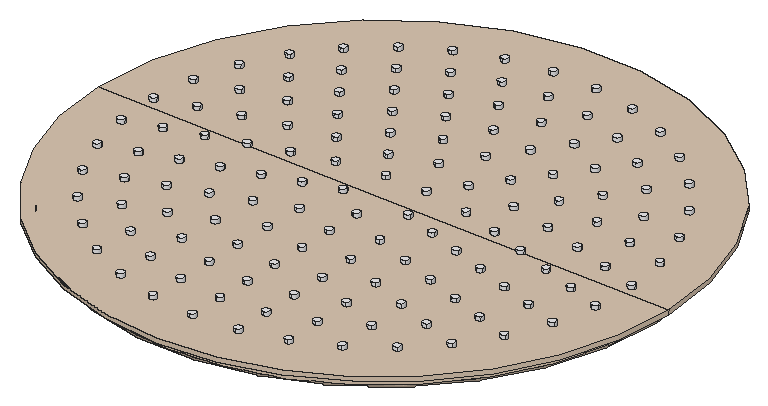
Revit family "Shower-Rainhead-KOHLER-Katalyst-K-34693T_1", category Plumbing Fixtures, host Face, Revit 2021 (continued)
Definition of nested family "K-34693T"
  Lines and regions (in)
    symbolic lines, detail levels medium+fine
      curve 133: arc (-0.86732, -2.66932, 0) -> (-0.82055, -2.7611, 0) -> (-0.91233, -2.80786, 0) r 0.07283
      curve 134: arc (-1.43857, -0.46742, 0) -> (-1.3918, -0.37564, 0) -> (-1.30003, -0.4224, 0) r 0.07283
      curve 135: arc (-1.30003, -0.4224, 0) -> (-1.34679, -0.51418, 0) -> (-1.43857, -0.46742, 0) r 0.07283
      curve 136: arc (-0.75392, -0.24496, 0) -> (-0.70716, -0.15319, 0) -> (-0.61538, -0.19995, 0) r 0.07283
      curve 137: arc (-0.61538, -0.19995, 0) -> (-0.66214, -0.29173, 0) -> (-0.75392, -0.24496, 0) r 0.07283
      curve 138: arc (-0.46595, 0.64132, 0) -> (-0.36421, 0.62521, 0) -> (-0.38032, 0.52347, 0) r 0.07283
      curve 139: arc (-0.38032, 0.52347, 0) -> (-0.48206, 0.53959, 0) -> (-0.46595, 0.64132, 0) r 0.07283
      curve 140: arc (0, -0.79272, 0) -> (-0.07283, -0.71988, 0) -> (0, -0.64705, 0) r 0.07283
      curve 141: arc (0, -0.64705, 0) -> (0.07283, -0.71988, 0) -> (0, -0.79272, 0) r 0.07283
      curve 142: arc (0.61538, -0.19995, 0) -> (0.70716, -0.15319, 0) -> (0.75392, -0.24496, 0) r 0.07283
      curve 143: arc (0.75392, -0.24496, 0) -> (0.66214, -0.29173, 0) -> (0.61538, -0.19995, 0) r 0.07283
      curve 144: arc (0.46595, 0.64132, 0) -> (0.48206, 0.53959, 0) -> (0.38032, 0.52347, 0) r 0.07283
      curve 145: arc (0.38032, 0.52347, 0) -> (0.36421, 0.62521, 0) -> (0.46595, 0.64132, 0) r 0.07283
      curve 146: arc (0, 1.36693, 0) -> (-0.07283, 1.43976, 0) -> (0, 1.5126, 0) r 0.07283
      curve 147: arc (0, 1.5126, 0) -> (0.07283, 1.43976, 0) -> (0, 1.36693, 0) r 0.07283
      curve 148: arc (0.46416, 2.1837, 0) -> (0.52026, 2.09731, 0) -> (0.43387, 2.04121, 0) r 0.07283
      curve 149: arc (0.43387, 2.04121, 0) -> (0.37777, 2.1276, 0) -> (0.46416, 2.1837, 0) r 0.07283
      curve 150: arc (1.2266, 1.68827, 0) -> (1.21048, 1.79, 0) -> (1.31222, 1.80611, 0) r 0.07283
      curve 151: arc (1.31222, 1.80611, 0) -> (1.32833, 1.70438, 0) -> (1.2266, 1.68827, 0) r 0.07283
      curve 152: arc (1.64973, 2.27066, 0) -> (1.63362, 2.3724, 0) -> (1.73535, 2.38851, 0) r 0.07283
      curve 153: arc (1.73535, 2.38851, 0) -> (1.75147, 2.28678, 0) -> (1.64973, 2.27066, 0) r 0.07283
      curve 154: arc (2.27066, 1.64973, 0) -> (2.28678, 1.75147, 0) -> (2.38851, 1.73535, 0) r 0.07283
      curve 155: arc (2.38851, 1.73535, 0) -> (2.3724, 1.63362, 0) -> (2.27066, 1.64973, 0) r 0.07283
      curve 156: arc (1.93338, 1.11624, 0) -> (1.90673, 1.01675, 0) -> (1.80723, 1.04341, 0) r 0.07283
      curve 157: arc (1.80723, 1.04341, 0) -> (1.83389, 1.1429, 0) -> (1.93338, 1.11624, 0) r 0.07283
      curve 158: arc (1.43857, 0.46742, 0) -> (1.3918, 0.37564, 0) -> (1.30003, 0.4224, 0) r 0.07283
      curve 159: arc (1.30003, 0.4224, 0) -> (1.34679, 0.51418, 0) -> (1.43857, 0.46742, 0) r 0.07283
      curve 160: arc (0.88908, 1.22372, 0) -> (0.9052, 1.12198, 0) -> (0.80346, 1.10587, 0) r 0.07283
      curve 161: arc (0.80346, 1.10587, 0) -> (0.78735, 1.2076, 0) -> (0.88908, 1.22372, 0) r 0.07283
      curve 162: arc (0, 4.39213, 0) -> (0.07283, 4.31929, 0) -> (0, 4.24646, 0) r 0.07283
      curve 163: arc (0, 4.24646, 0) -> (-0.07283, 4.31929, 0) -> (0, 4.39213, 0) r 0.07283
      curve 164: arc (0.45824, 5.09143, 0) -> (0.52425, 5.01236, 0) -> (0.44518, 4.94635, 0) r 0.07283
      curve 165: arc (0.44518, 4.94635, 0) -> (0.37917, 5.02542, 0) -> (0.45824, 5.09143, 0) r 0.07283
      curve 166: arc (1.32123, 4.78737, 0) -> (1.2704, 4.87695, 0) -> (1.35998, 4.92779, 0) r 0.07283
      curve 167: arc (1.35998, 4.92779, 0) -> (1.41082, 4.8382, 0) -> (1.32123, 4.78737, 0) r 0.07283
      curve 168: arc (0.91317, 4.29615, 0) -> (0.96927, 4.20976, 0) -> (0.88289, 4.15366, 0) r 0.07283
      curve 169: arc (0.88289, 4.15366, 0) -> (0.82679, 4.24005, 0) -> (0.91317, 4.29615, 0) r 0.07283
      curve 170: arc (2.15481, 4.47452, 0) -> (2.12079, 4.57174, 0) -> (2.21802, 4.60576, 0) r 0.07283
      curve 171: arc (2.21802, 4.60576, 0) -> (2.25204, 4.50854, 0) -> (2.15481, 4.47452, 0) r 0.07283
      curve 172: arc (1.78644, 4.01241, 0) -> (1.82335, 3.91624, 0) -> (1.72719, 3.87933, 0) r 0.07283
      curve 173: arc (1.72719, 3.87933, 0) -> (1.69028, 3.97549, 0) -> (1.78644, 4.01241, 0) r 0.07283
      curve 174: arc (1.35184, 3.41437, 0) -> (1.39275, 3.31983, 0) -> (1.29822, 3.27893, 0) r 0.07283
      curve 175: arc (1.29822, 3.27893, 0) -> (1.25731, 3.37346, 0) -> (1.35184, 3.41437, 0) r 0.07283
      curve 176: arc (0.46025, 3.64329, 0) -> (0.52339, 3.5619, 0) -> (0.442, 3.49877, 0) r 0.07283
      curve 177: arc (0.442, 3.49877, 0) -> (0.37887, 3.58016, 0) -> (0.46025, 3.64329, 0) r 0.07283
      curve 178: arc (0, 2.95236, 0) -> (0.07283, 2.87953, 0) -> (0, 2.80669, 0) r 0.07283
      curve 179: arc (0, 2.80669, 0) -> (-0.07283, 2.87953, 0) -> (0, 2.95236, 0) r 0.07283
      curve 180: arc (3.00476, 4.1357, 0) -> (3.02088, 4.03397, 0) -> (2.91914, 4.01785, 0) r 0.07283
      curve 181: arc (2.91914, 4.01785, 0) -> (2.90303, 4.11959, 0) -> (3.00476, 4.1357, 0) r 0.07283
      curve 182: arc (2.58163, 3.5533, 0) -> (2.59774, 3.45157, 0) -> (2.496, 3.43546, 0) r 0.07283
      curve 183: arc (2.496, 3.43546, 0) -> (2.47989, 3.53719, 0) -> (2.58163, 3.5533, 0) r 0.07283
      curve 184: arc (3.58964, 3.43205, 0) -> (3.59196, 3.53503, 0) -> (3.69493, 3.53272, 0) r 0.07283
      curve 185: arc (3.69493, 3.53272, 0) -> (3.69262, 3.42974, 0) -> (3.58964, 3.43205, 0) r 0.07283
      curve 186: arc (2.07287, 2.85306, 0) -> (2.05676, 2.95479, 0) -> (2.15849, 2.97091, 0) r 0.07283
      curve 187: arc (2.15849, 2.97091, 0) -> (2.1746, 2.86917, 0) -> (2.07287, 2.85306, 0) r 0.07283
      curve 188: arc (0.91233, 2.80786, 0) -> (0.95909, 2.71609, 0) -> (0.86732, 2.66932, 0) r 0.07283
      curve 189: arc (0.86732, 2.66932, 0) -> (0.82055, 2.7611, 0) -> (0.91233, 2.80786, 0) r 0.07283
      curve 190: arc (2.82951, 2.34078, 0) -> (2.81982, 2.23823, 0) -> (2.71727, 2.24792, 0) r 0.07283
      curve 191: arc (2.71727, 2.24792, 0) -> (2.72697, 2.35047, 0) -> (2.82951, 2.34078, 0) r 0.07283
      curve 192: arc (3.15573, 2.84143, 0) -> (3.16112, 2.9443, 0) -> (3.26399, 2.93891, 0) r 0.07283
      curve 193: arc (3.26399, 2.93891, 0) -> (3.25859, 2.83604, 0) -> (3.15573, 2.84143, 0) r 0.07283
      curve 194: arc (3.67754, 2.12323, 0) -> (3.7042, 2.22272, 0) -> (3.80369, 2.19606, 0) r 0.07283
      curve 195: arc (3.80369, 2.19606, 0) -> (3.77703, 2.09657, 0) -> (3.67754, 2.12323, 0) r 0.07283
      curve 196: arc (3.32275, 1.56357, 0) -> (3.28785, 1.46665, 0) -> (3.19094, 1.50154, 0) r 0.07283
      curve 197: arc (3.19094, 1.50154, 0) -> (3.22583, 1.59846, 0) -> (3.32275, 1.56357, 0) r 0.07283
      curve 198: arc (2.80786, 0.91233, 0) -> (2.7611, 0.82055, 0) -> (2.66932, 0.86732, 0) r 0.07283
      curve 199: arc (2.66932, 0.86732, 0) -> (2.71609, 0.95909, 0) -> (2.80786, 0.91233, 0) r 0.07283
      curve 200: arc (2.22025, 0.23336, 0) -> (2.15543, 0.15331, 0) -> (2.07538, 0.21813, 0) r 0.07283
      curve 201: arc (2.07538, 0.21813, 0) -> (2.1402, 0.29818, 0) -> (2.22025, 0.23336, 0) r 0.07283
      curve 202: arc (2.80669, 0, 0) -> (2.87953, 0.07283, 0) -> (2.95236, 0, 0) r 0.07283
      curve 203: arc (2.95236, 0, 0) -> (2.87953, -0.07283, 0) -> (2.80669, 0, 0) r 0.07283
      curve 204: arc (3.46411, 0.66081, 0) -> (3.52201, 0.74601, 0) -> (3.6072, 0.68811, 0) r 0.07283
      curve 205: arc (3.6072, 0.68811, 0) -> (3.5493, 0.60292, 0) -> (3.46411, 0.66081, 0) r 0.07283
      curve 206: arc (4.03862, 1.31223, 0) -> (4.08538, 1.404, 0) -> (4.17716, 1.35724, 0) r 0.07283
      curve 207: arc (4.17716, 1.35724, 0) -> (4.1304, 1.26546, 0) -> (4.03862, 1.31223, 0) r 0.07283
      curve 208: arc (4.70063, 2.00915, 0) -> (4.66229, 1.91355, 0) -> (4.56669, 1.9519, 0) r 0.07283
      curve 209: arc (4.56669, 1.9519, 0) -> (4.60503, 2.04749, 0) -> (4.70063, 2.00915, 0) r 0.07283
      curve 210: arc (4.26635, 2.81619, 0) -> (4.24568, 2.71528, 0) -> (4.14477, 2.73594, 0) r 0.07283
      curve 211: arc (4.14477, 2.73594, 0) -> (4.16543, 2.83685, 0) -> (4.26635, 2.81619, 0) r 0.07283
      curve 212: arc (4.98384, 1.13753, 0) -> (4.92904, 1.05031, 0) -> (4.84182, 1.10511, 0) r 0.07283
      curve 213: arc (4.84182, 1.10511, 0) -> (4.89662, 1.19233, 0) -> (4.98384, 1.13753, 0) r 0.07283
      curve 214: arc (4.36807, 0.4591, 0) -> (4.30324, 0.37905, 0) -> (4.22319, 0.44388, 0) r 0.07283
      curve 215: arc (4.22319, 0.44388, 0) -> (4.28802, 0.52392, 0) -> (4.36807, 0.4591, 0) r 0.07283
      curve 216: arc (1.79623, -4.78604, 0) -> (1.70245, -4.74344, 0) -> (1.74505, -4.64966, 0) r 0.07283
      curve 217: arc (1.74505, -4.64966, 0) -> (1.83883, -4.69226, 0) -> (1.79623, -4.78604, 0) r 0.07283
      curve 218: arc (0.88677, -4.88653, 0) -> (0.97144, -4.94519, 0) -> (0.91278, -5.02986, 0) r 0.07283
      curve 219: arc (0.91278, -5.02986, 0) -> (0.82811, -4.9712, 0) -> (0.88677, -4.88653, 0) r 0.07283
      curve 220: arc (0.91317, -4.29615, 0) -> (0.82679, -4.24005, 0) -> (0.88289, -4.15366, 0) r 0.07283
      curve 221: arc (0.88289, -4.15366, 0) -> (0.96927, -4.20976, 0) -> (0.91317, -4.29615, 0) r 0.07283
      curve 222: arc (1.78644, -4.01241, 0) -> (1.69028, -3.97549, 0) -> (1.72719, -3.87933, 0) r 0.07283
      curve 223: arc (1.72719, -3.87933, 0) -> (1.82335, -3.91624, 0) -> (1.78644, -4.01241, 0) r 0.07283
      curve 224: arc (2.62195, -4.3884, 0) -> (2.52206, -4.36323, 0) -> (2.54723, -4.26335, 0) r 0.07283
      curve 225: arc (2.54723, -4.26335, 0) -> (2.64711, -4.28852, 0) -> (2.62195, -4.3884, 0) r 0.07283
      curve 226: arc (1.69894, -3.09036, 0) -> (1.79785, -3.1191, 0) -> (1.76912, -3.21801, 0) r 0.07283
      curve 227: arc (1.76912, -3.21801, 0) -> (1.6702, -3.18927, 0) -> (1.69894, -3.09036, 0) r 0.07283
      curve 228: arc (2.58163, -3.5533, 0) -> (2.47989, -3.53719, 0) -> (2.496, -3.43546, 0) r 0.07283
      curve 229: arc (2.496, -3.43546, 0) -> (2.59774, -3.45157, 0) -> (2.58163, -3.5533, 0) r 0.07283
      curve 230: arc (3.36339, -3.84971, 0) -> (3.26062, -3.84278, 0) -> (3.26755, -3.74001, 0) r 0.07283
      curve 231: arc (3.26755, -3.74001, 0) -> (3.37032, -3.74694, 0) -> (3.36339, -3.84971, 0) r 0.07283
      curve 232: arc (3.15573, -2.84143, 0) -> (3.25859, -2.83604, 0) -> (3.26399, -2.93891, 0) r 0.07283
      curve 233: arc (3.26399, -2.93891, 0) -> (3.16112, -2.9443, 0) -> (3.15573, -2.84143, 0) r 0.07283
      curve 234: arc (2.51382, -2.67695, 0) -> (2.41087, -2.67372, 0) -> (2.41411, -2.57076, 0) r 0.07283
      curve 235: arc (2.41411, -2.57076, 0) -> (2.51706, -2.574, 0) -> (2.51382, -2.67695, 0) r 0.07283
      curve 236: arc (1.73535, -2.38851, 0) -> (1.63362, -2.3724, 0) -> (1.64973, -2.27066, 0) r 0.07283
      curve 237: arc (1.64973, -2.27066, 0) -> (1.75147, -2.28678, 0) -> (1.73535, -2.38851, 0) r 0.07283
      curve 238: arc (2.38851, -1.73535, 0) -> (2.28678, -1.75147, 0) -> (2.27066, -1.64973, 0) r 0.07283
      curve 239: arc (2.27066, -1.64973, 0) -> (2.3724, -1.63362, 0) -> (2.38851, -1.73535, 0) r 0.07283
      curve 240: arc (2.97759, -1.88963, 0) -> (3.07811, -1.86716, 0) -> (3.10058, -1.96769, 0) r 0.07283
      curve 241: arc (3.10058, -1.96769, 0) -> (3.00006, -1.99016, 0) -> (2.97759, -1.88963, 0) r 0.07283
      curve 242: arc (0.84878, -1.9064, 0) -> (0.94494, -1.94331, 0) -> (0.90803, -2.03947, 0) r 0.07283
      curve 243: arc (0.90803, -2.03947, 0) -> (0.81187, -2.00256, 0) -> (0.84878, -1.9064, 0) r 0.07283
      curve 244: arc (0.86732, -2.66932, 0) -> (0.95909, -2.71609, 0) -> (0.91233, -2.80786, 0) r 0.07283
      curve 245: arc (0.91233, -2.80786, 0) -> (0.82055, -2.7611, 0) -> (0.86732, -2.66932, 0) r 0.07283
      curve 246: arc (3.49251, -1.13479, 0) -> (3.40073, -1.18155, 0) -> (3.35397, -1.08977, 0) r 0.07283
      curve 247: arc (3.35397, -1.08977, 0) -> (3.44575, -1.04301, 0) -> (3.49251, -1.13479, 0) r 0.07283
      curve 248: arc (2.66932, -0.86732, 0) -> (2.7611, -0.82055, 0) -> (2.80786, -0.91233, 0) r 0.07283
      curve 249: arc (2.80786, -0.91233, 0) -> (2.71609, -0.95909, 0) -> (2.66932, -0.86732, 0) r 0.07283
      curve 250: arc (1.98468, -0.64486, 0) -> (2.07645, -0.5981, 0) -> (2.12321, -0.68987, 0) r 0.07283
      curve 251: arc (2.12321, -0.68987, 0) -> (2.03144, -0.73664, 0) -> (1.98468, -0.64486, 0) r 0.07283
      curve 252: arc (1.43857, -0.46742, 0) -> (1.34679, -0.51418, 0) -> (1.30003, -0.4224, 0) r 0.07283
      curve 253: arc (1.30003, -0.4224, 0) -> (1.3918, -0.37564, 0) -> (1.43857, -0.46742, 0) r 0.07283
      curve 254: arc (3.51962, -0.22144, 0) -> (3.59688, -0.15332, 0) -> (3.665, -0.23058, 0) r 0.07283
      curve 255: arc (3.665, -0.23058, 0) -> (3.58773, -0.2987, 0) -> (3.51962, -0.22144, 0) r 0.07283
      curve 256: arc (4.22319, -0.44388, 0) -> (4.30324, -0.37905, 0) -> (4.36807, -0.4591, 0) r 0.07283
      curve 257: arc (4.36807, -0.4591, 0) -> (4.28802, -0.52392, 0) -> (4.22319, -0.44388, 0) r 0.07283
      curve 258: arc (4.92139, -0.66665, 0) -> (5.00334, -0.60425, 0) -> (5.06574, -0.6862, 0) r 0.07283
      curve 259: arc (5.06574, -0.6862, 0) -> (4.98379, -0.7486, 0) -> (4.92139, -0.66665, 0) r 0.07283
      curve 260: arc (4.03862, -1.31223, 0) -> (4.1304, -1.26546, 0) -> (4.17716, -1.35724, 0) r 0.07283
      curve 261: arc (4.17716, -1.35724, 0) -> (4.08538, -1.404, 0) -> (4.03862, -1.31223, 0) r 0.07283
      curve 262: arc (4.72327, -1.53468, 0) -> (4.81505, -1.48792, 0) -> (4.86181, -1.5797, 0) r 0.07283
      curve 263: arc (4.86181, -1.5797, 0) -> (4.77003, -1.62646, 0) -> (4.72327, -1.53468, 0) r 0.07283
      curve 264: arc (3.67754, -2.12323, 0) -> (3.77703, -2.09657, 0) -> (3.80369, -2.19606, 0) r 0.07283
      curve 265: arc (3.80369, -2.19606, 0) -> (3.7042, -2.22272, 0) -> (3.67754, -2.12323, 0) r 0.07283
      curve 266: arc (4.50161, -2.42242, 0) -> (4.40296, -2.45204, 0) -> (4.37334, -2.35339, 0) r 0.07283
      curve 267: arc (4.37334, -2.35339, 0) -> (4.47199, -2.32377, 0) -> (4.50161, -2.42242, 0) r 0.07283
      curve 268: arc (5.10686, 0.22935, 0) -> (5.03737, 0.15332, 0) -> (4.96134, 0.22281, 0) r 0.07283
      curve 269: arc (4.96134, 0.22281, 0) -> (5.03083, 0.29884, 0) -> (5.10686, 0.22935, 0) r 0.07283
      curve 270: arc (1.65906, -1.49382, 0) -> (1.55619, -1.49921, 0) -> (1.5508, -1.39635, 0) r 0.07283
      curve 271: arc (1.5508, -1.39635, 0) -> (1.65367, -1.39096, 0) -> (1.65906, -1.49382, 0) r 0.07283
      curve 272: arc (0.80346, -1.10587, 0) -> (0.9052, -1.12198, 0) -> (0.88908, -1.22372, 0) r 0.07283
      curve 273: arc (0.88908, -1.22372, 0) -> (0.78735, -1.2076, 0) -> (0.80346, -1.10587, 0) r 0.07283
      curve 274: arc (3.88284, -3.09646, 0) -> (3.9852, -3.08493, 0) -> (3.99673, -3.18728, 0) r 0.07283
      curve 275: arc (3.99673, -3.18728, 0) -> (3.89437, -3.19882, 0) -> (3.88284, -3.09646, 0) r 0.07283
      curve 276: arc (0.91325, -3.55687, 0) -> (0.82459, -3.50444, 0) -> (0.87702, -3.41578, 0) r 0.07283
      curve 277: arc (0.87702, -3.41578, 0) -> (0.96568, -3.46821, 0) -> (0.91325, -3.55687, 0) r 0.07283
      curve 278: arc (-3.19094, 1.50154, 0) -> (-3.28785, 1.46665, 0) -> (-3.32275, 1.56357, 0) r 0.07283
      curve 279: arc (-3.32275, 1.56357, 0) -> (-3.22583, 1.59846, 0) -> (-3.19094, 1.50154, 0) r 0.07283
      curve 280: line (5.76378, 0, 2.31182) -> (-5.76378, 0, 2.31182)
      curve 281: line (-5.76378, 0, 2.11417) -> (5.76378, 0, 2.11417)
      curve 282: line (6, 0, 2.37008) -> (-6, 0, 2.37008)
      curve 283: line (0.7185, 0, 2.05512) -> (-0.7185, 0, 2.05512)
      curve 284: line (0.43342, 0, 0.97723) -> (-0.43342, 0, 0.97723)
      curve 285: line (0.33521, 0, 0.86882) -> (-0.33521, 0, 0.86882)
      curve 286: line (0.35071, 0, 0.75138) -> (-0.35071, 0, 0.75138)
      curve 287: line (-0.45499, 0, 0.55453) -> (0.45499, 0, 0.55453)
      curve 288: line (0.49662, 0, 0.02134) -> (-0.49662, 0, 0.02134)
      curve 289: line (4.36807, 0, 2.39764) -> (4.51031, 0, 2.39764)
      curve 290: line (4.27839, 0, 2.39764) -> (3.86695, 0, 2.39764)
      curve 291: line (5.10693, 0, 2.39764) -> (4.56083, 0, 2.39764)
      curve 292: line (4.98567, 0, 2.45669) -> (4.98567, 0, 2.39764)
      curve 293: line (4.84, 0, 2.45669) -> (4.84, 0, 2.39764)
      curve 294: line (4.7197, 0, 2.45669) -> (4.7197, 0, 2.39764)
      curve 295: line (4.70649, 0, 2.45669) -> (4.70649, 0, 2.39764)
      curve 296: line (3.81345, 0, 2.39764) -> (3.56945, 0, 2.39764)
      curve 297: line (3.46282, 0, 2.39764) -> (2.88912, 0, 2.39764)
      curve 298: line (2.46598, 0, 2.39764) -> (2.84623, 0, 2.39764)
      curve 299: line (2.11358, 0, 2.39764) -> (2.40242, 0, 2.39764)
      curve 300: line (2.04285, 0, 2.39764) -> (1.98111, 0, 2.39764)
      curve 301: line (1.94314, 0, 2.39764) -> (1.53209, 0, 2.39764)
      curve 302: line (1.19657, 0, 2.39764) -> (1.44213, 0, 2.39764)
      curve 303: line (0.97087, 0, 2.39764) -> (0.61181, 0, 2.39764)
      curve 304: line (0.52454, 0, 2.39764) -> (0.3249, 0, 2.39764)
      curve 305: line (-0.07283, 0, 2.39764) -> (0.07283, 0, 2.39764)
      curve 306: line (-0.3503, 0, 2.39764) -> (-0.52454, 0, 2.39764)
      curve 307: line (-0.61181, 0, 2.39764) -> (-0.9806, 0, 2.39764)
      curve 308: line (-1.44213, 0, 2.39764) -> (-1.19657, 0, 2.39764)
      curve 309: line (-1.53209, 0, 2.39764) -> (-1.94314, 0, 2.39764)
      curve 310: line (-2.04285, 0, 2.39764) -> (-1.98111, 0, 2.39764)
      curve 311: line (-2.11358, 0, 2.39764) -> (-2.40242, 0, 2.39764)
      curve 312: line (-2.84623, 0, 2.39764) -> (-2.46598, 0, 2.39764)
      curve 313: line (-3.46411, 0, 2.39764) -> (-2.88912, 0, 2.39764)
      curve 314: line (-3.56945, 0, 2.39764) -> (-3.81345, 0, 2.39764)
      curve 315: line (-4.27839, 0, 2.39764) -> (-3.86695, 0, 2.39764)
      curve 316: line (-4.51031, 0, 2.39764) -> (-4.36846, 0, 2.39764)
      curve 317: line (-4.55413, 0, 2.39764) -> (-5.10686, 0, 2.39764)
      curve 318: line (4.13272, 0, 2.45669) -> (4.13272, 0, 2.39764)
      curve 319: line (4.03862, 0, 2.45669) -> (4.03862, 0, 2.39764)
      curve 320: line (4.03506, 0, 2.45669) -> (4.03506, 0, 2.39795)
      curve 321: line (3.71512, 0, 2.45669) -> (3.71512, 0, 2.39764)
      curve 322: line (3.66778, 0, 2.45669) -> (3.66778, 0, 2.39764)
      curve 323: line (3.56945, 0, 2.45669) -> (3.56945, 0, 2.39764)
      curve 324: line (3.46282, 0, 2.45669) -> (3.46282, 0, 2.39764)
      curve 325: line (3.35041, 0, 2.45669) -> (3.35041, 0, 2.39764)
      curve 326: line (3.32968, 0, 2.45669) -> (3.32968, 0, 2.39764)
      curve 327: line (3.28269, 0, 2.45669) -> (3.28269, 0, 2.39764)
      curve 328: line (3.13702, 0, 2.45669) -> (3.13702, 0, 2.39764)
      curve 329: line (3.11192, 0, 2.45669) -> (3.11192, 0, 2.39764)
      curve 330: line (3.03479, 0, 2.45669) -> (3.03479, 0, 2.39764)
      curve 331: line (2.70056, 0, 2.45669) -> (2.70056, 0, 2.39764)
      curve 332: line (2.66576, 0, 2.45669) -> (2.66576, 0, 2.39764)
      curve 333: line (2.65742, 0, 2.45669) -> (2.65742, 0, 2.39764)
      curve 334: line (2.61165, 0, 2.45669) -> (2.61165, 0, 2.39764)
      curve 335: line (2.25925, 0, 2.45669) -> (2.25925, 0, 2.39764)
      curve 336: line (2.11358, 0, 2.45669) -> (2.11358, 0, 2.39764)
      curve 337: line (2.04285, 0, 2.45669) -> (2.04285, 0, 2.39764)
      curve 338: line (1.82965, 0, 2.45669) -> (1.82965, 0, 2.39764)
      curve 339: line (1.68398, 0, 2.45669) -> (1.68398, 0, 2.39764)
      curve 340: line (1.61971, 0, 2.45669) -> (1.61971, 0, 2.39764)
      curve 341: line (1.41344, 0, 2.45669) -> (1.41344, 0, 2.39764)
      curve 342: line (1.26777, 0, 2.45669) -> (1.26777, 0, 2.39764)
      curve 343: line (1.2522, 0, 2.45669) -> (1.2522, 0, 2.39764)
      curve 344: line (0.97087, 0, 2.45669) -> (0.97087, 0, 2.39764)
      curve 345: line (0.8252, 0, 2.45669) -> (0.8252, 0, 2.39764)
      curve 346: line (0.81699, 0, 2.45669) -> (0.81699, 0, 2.39764)
      curve 347: line (0.77344, 0, 2.45669) -> (0.77344, 0, 2.39764)
      curve 348: line (0.75748, 0, 2.45669) -> (0.75748, 0, 2.39764)
      curve 349: line (0.37887, 0, 2.45669) -> (0.37887, 0, 2.39764)
      curve 350: line (0.37618, 0, 2.45669) -> (0.37618, 0, 2.39764)
      curve 351: line (-0.37618, 0, 2.45669) -> (-0.37618, 0, 2.39764)
      curve 352: line (-0.37829, 0, 2.45669) -> (-0.37829, 0, 2.39659)
      curve 353: line (-0.8252, 0, 2.45669) -> (-0.8252, 0, 2.39764)
      curve 354: line (-0.81699, 0, 2.45669) -> (-0.81699, 0, 2.39764)
      curve 355: line (-0.97087, 0, 2.45669) -> (-0.97087, 0, 2.39764)
      curve 356: line (-1.26777, 0, 2.45669) -> (-1.26777, 0, 2.39764)
      curve 357: line (-1.2522, 0, 2.45669) -> (-1.2522, 0, 2.39764)
      curve 358: line (-1.41344, 0, 2.45669) -> (-1.41344, 0, 2.39764)
      curve 359: line (-1.61971, 0, 2.45669) -> (-1.61971, 0, 2.39764)
      curve 360: line (-1.69894, 0, 2.45669) -> (-1.69894, 0, 2.39764)
      curve 361: line (-1.79747, 0, 2.45669) -> (-1.79747, 0, 2.39764)
      curve 362: line (-2.18851, 0, 2.45669) -> (-2.18851, 0, 2.39764)
      curve 363: line (-2.25925, 0, 2.45669) -> (-2.25925, 0, 2.39764)
      curve 364: line (-2.27066, 0, 2.45669) -> (-2.27066, 0, 2.39764)
      curve 365: line (-2.496, 0, 2.45669) -> (-2.496, 0, 2.39764)
      curve 366: line (-2.51175, 0, 2.45669) -> (-2.51175, 0, 2.39764)
      curve 367: line (-2.5368, 0, 2.45669) -> (-2.5368, 0, 2.39764)
      curve 368: line (-2.58163, 0, 2.45669) -> (-2.58163, 0, 2.39764)
      curve 369: line (-2.62195, 0, 2.45669) -> (-2.62195, 0, 2.39764)
      curve 370: line (-2.65742, 0, 2.45669) -> (-2.65742, 0, 2.39764)
      curve 371: line (-2.66932, 0, 2.45669) -> (-2.66932, 0, 2.39764)
      curve 372: line (-2.70056, 0, 2.45669) -> (-2.70056, 0, 2.39764)
      curve 373: line (-2.71727, 0, 2.45669) -> (-2.71727, 0, 2.39764)
      curve 374: line (-2.80786, 0, 2.45669) -> (-2.80786, 0, 2.39764)
      curve 375: line (-2.82951, 0, 2.45669) -> (-2.82951, 0, 2.39764)
      curve 376: line (-2.91914, 0, 2.45669) -> (-2.91914, 0, 2.39764)
      curve 377: line (-2.95236, 0, 2.45669) -> (-2.95236, 0, 2.39764)
      curve 378: line (-2.97759, 0, 2.45669) -> (-2.97759, 0, 2.39764)
      curve 379: line (-3.00476, 0, 2.45669) -> (-3.00476, 0, 2.39764)
      curve 380: line (-3.03479, 0, 2.45669) -> (-3.03479, 0, 2.39764)
      curve 381: line (-3.10058, 0, 2.45669) -> (-3.10058, 0, 2.39764)
      curve 382: line (-3.12473, 0, 2.45669) -> (-3.12473, 0, 2.39764)
      curve 383: line (-3.15573, 0, 2.45669) -> (-3.15573, 0, 2.39764)
      curve 384: line (-3.19094, 0, 2.45669) -> (-3.19094, 0, 2.39764)
      curve 385: line (-3.24263, 0, 2.45669) -> (-3.24263, 0, 2.39764)
      curve 386: line (-3.28269, 0, 2.45669) -> (-3.28269, 0, 2.39764)
      curve 387: line (-3.32968, 0, 2.45669) -> (-3.32968, 0, 2.39764)
      curve 388: line (-3.32275, 0, 2.45669) -> (-3.32275, 0, 2.39764)
      curve 389: line (-3.35041, 0, 2.45669) -> (-3.35041, 0, 2.39764)
      curve 390: line (-3.3883, 0, 2.45669) -> (-3.3883, 0, 2.39764)
      curve 391: line (-3.36785, 0, 2.45669) -> (-3.36785, 0, 2.39764)
      curve 392: line (-3.60849, 0, 2.45669) -> (-3.60849, 0, 2.39764)
      curve 393: line (-3.665, 0, 2.45669) -> (-3.665, 0, 2.39764)
      curve 394: line (-3.71512, 0, 2.45669) -> (-3.71512, 0, 2.39764)
      curve 395: line (-3.88284, 0, 2.45669) -> (-3.88284, 0, 2.39764)
      curve 396: line (-4.01262, 0, 2.45669) -> (-4.01262, 0, 2.39764)
      curve 397: line (-4.03862, 0, 2.45669) -> (-4.03862, 0, 2.39764)
      curve 398: line (-4.13272, 0, 2.45669) -> (-4.13272, 0, 2.39764)
      curve 399: line (-4.17716, 0, 2.45669) -> (-4.17716, 0, 2.39764)
      curve 400: line (-4.2228, 0, 2.45669) -> (-4.2228, 0, 2.39764)
      curve 401: line (-4.26635, 0, 2.45669) -> (-4.26635, 0, 2.39764)
      curve 402: line (-5.06574, 0, 2.45669) -> (-5.06574, 0, 2.39764)
      curve 403: line (-4.98567, 0, 2.45669) -> (-4.98567, 0, 2.39764)
      curve 404: line (-4.92073, 0, 2.45669) -> (-4.92073, 0, 2.39764)
      curve 405: line (-4.84182, 0, 2.45669) -> (-4.84182, 0, 2.39764)
      curve 406: line (-4.69254, 0, 2.45669) -> (-4.69254, 0, 2.39764)
      curve 407: line (-4.56669, 0, 2.45669) -> (-4.56669, 0, 2.39764)
      curve 408: line (-4.70649, 0, 2.45669) -> (-4.70649, 0, 2.39764)
      curve 409: line (-4.7197, 0, 2.45669) -> (-4.7197, 0, 2.39764)
      curve 410: line (0, 4.78737, 2.39764) -> (0, 5.09143, 2.39764)
      curve 411: line (0, 4.4673, 2.39764) -> (0, 4.61297, 2.39764)
      curve 412: line (0, 4.39213, 2.39764) -> (0, 3.87303, 2.39764)
      curve 413: line (0, 3.64386, 2.39764) -> (0, 3.27381, 2.39764)
      curve 414: line (0, 2.66576, 2.39764) -> (0, 2.98482, 2.39764)
      curve 415: line (0, 4.94635, 2.45669) -> (0, 4.94635, 2.39764)
      curve 416: line (0, 4.93041, 2.45669) -> (0, 4.93041, 2.39764)
      curve 417: line (0, 4.29774, 2.45669) -> (0, 4.29774, 2.39764)
      curve 418: line (0, 4.24646, 2.45669) -> (0, 4.24646, 2.39764)
      curve 419: line (0, 4.15366, 2.45669) -> (0, 4.15366, 2.39764)
      curve 420: line (0, 4.14961, 2.45669) -> (0, 4.14961, 2.39764)
      curve 421: line (0, 4.0187, 2.45669) -> (0, 4.0187, 2.39764)
      curve 422: line (0, 4.00394, 2.45669) -> (0, 4.00394, 2.39764)
      curve 423: line (0, 3.56721, 2.45669) -> (0, 3.56721, 2.39764)
      curve 424: line (0, 3.55522, 2.45669) -> (0, 3.55522, 2.39764)
      curve 425: line (0, 3.49819, 2.45669) -> (0, 3.49819, 2.39764)
      curve 426: line (0, 3.40955, 2.45669) -> (0, 3.40955, 2.39764)
      curve 427: line (0, 3.42155, 2.45669) -> (0, 3.42155, 2.39764)
      curve 428: line (0, 3.41948, 2.45669) -> (0, 3.41948, 2.39767)
      curve 429: line (0, 2.963, 2.45669) -> (0, 2.963, 2.39764)
      curve 430: line (0, 2.95236, 2.45669) -> (0, 2.95236, 2.39764)
      curve 431: line (0, 2.8489, 2.45669) -> (0, 2.8489, 2.39764)
      curve 432: line (0, 2.83915, 2.45669) -> (0, 2.83915, 2.39764)
      curve 433: line (0, 2.81734, 2.45669) -> (0, 2.81734, 2.39764)
      curve 434: line (0, 2.81143, 2.45669) -> (0, 2.81143, 2.39764)
      curve 435: line (0, 2.80669, 2.45669) -> (0, 2.80669, 2.39764)
      curve 436: line (0, 2.70323, 2.45669) -> (0, 2.70323, 2.39764)
      curve 437: line (0, 2.40242, 2.39764) -> (0, 1.90769, 2.39764)
      curve 438: line (0, 2.36718, 2.45669) -> (0, 2.36718, 2.39764)
      curve 439: line (0, 2.23248, 2.45669) -> (0, 2.23248, 2.39764)
      curve 440: line (0, 2.08681, 2.45669) -> (0, 2.08681, 2.39764)
      curve 441: line (0, 2.05336, 2.45669) -> (0, 2.05336, 2.39764)
      curve 442: line (0, 1.76538, 2.45669) -> (0, 1.76538, 2.39764)
      curve 443: line (0, 1.61971, 2.45669) -> (0, 1.61971, 2.39764)
      curve 444: line (0, 1.60539, 2.45669) -> (0, 1.60539, 2.39764)
      curve 445: line (0, 1.45972, 2.45669) -> (0, 1.45972, 2.39764)
      curve 446: line (0, 1.40757, 2.45669) -> (0, 1.40757, 2.39764)
      curve 447: line (0, 1.35724, 2.45669) -> (0, 1.35724, 2.39764)
      curve 448: line (0, 1.31223, 2.45669) -> (0, 1.31223, 2.39764)
      curve 449: line (0, 1.2619, 2.45669) -> (0, 1.2619, 2.39764)
      curve 450: line (0, 1.22372, 2.45669) -> (0, 1.22372, 2.39764)
      curve 451: line (0, 1.19416, 2.45669) -> (0, 1.19416, 2.39764)
      curve 452: line (0, 1.15266, 2.45669) -> (0, 1.15266, 2.39764)
      curve 453: line (0, 1.13753, 2.45669) -> (0, 1.13753, 2.39764)
      curve 454: line (0, 1.11624, 2.45669) -> (0, 1.11624, 2.39764)
      curve 455: line (0, 1.09196, 2.45669) -> (0, 1.09196, 2.39764)
      curve 456: line (0, 1.10511, 2.45669) -> (0, 1.10511, 2.39764)
      curve 457: line (0, 1.04341, 2.45669) -> (0, 1.04341, 2.39764)
      curve 458: line (0, 1.04849, 2.45669) -> (0, 1.04849, 2.39764)
      curve 459: line (0, 1.00699, 2.39764) -> (0, 1.82002, 2.39764)
      curve 460: line (0, 0.96266, 2.39764) -> (0, 0.81699, 2.39764)
      curve 461: line (0, 0.7473, 2.39764) -> (0, 0.60163, 2.39764)
      curve 462: line (0, 0.33533, 2.39764) -> (0, 0.52347, 2.39764)
      curve 463: line (0, 0.37865, 2.45669) -> (0, 0.37865, 2.39764)
      curve 464: line (0, 0.29858, 2.39764) -> (0, 0.15325, 2.39764)
      curve 465: line (0, -0.07283, 2.39764) -> (0, 0.07283, 2.39764)
      curve 466: line (0, -0.14962, 2.39764) -> (0, -0.29884, 2.39764)
      curve 467: line (0, -0.52432, 2.39764) -> (0, -0.37208, 2.39764)
      curve 468: line (0, -0.59453, 2.39764) -> (0, -0.96266, 2.39764)
      curve 469: line (0, -1.03944, 2.39764) -> (0, -1.40757, 2.39764)
      curve 470: line (0, -1.76538, 2.39764) -> (0, -1.48436, 2.39764)
      curve 471: line (0, -1.85583, 2.39764) -> (0, -2.04577, 2.39764)
      curve 472: line (0, -2.08681, 2.39764) -> (0, -2.46074, 2.39764)
      curve 473: line (0, -2.55102, 2.39764) -> (0, -2.99464, 2.39764)
      curve 474: line (0, -2.67695, 2.45669) -> (0, -2.67695, 2.39764)
      curve 475: line (0, -2.69669, 2.45669) -> (0, -2.69669, 2.39764)
      curve 476: line (0, -2.81143, 2.45669) -> (0, -2.81143, 2.39764)
      curve 477: line (0, -2.82984, 2.45669) -> (0, -2.82984, 2.39764)
      curve 478: line (0, -2.84143, 2.45669) -> (0, -2.84143, 2.39764)
      curve 479: line (0, -2.93891, 2.45669) -> (0, -2.93891, 2.39764)
      curve 480: line (0, -2.95236, 2.45669) -> (0, -2.95236, 2.39764)
      curve 481: line (0, -2.12323, 2.45669) -> (0, -2.12323, 2.39764)
      curve 482: line (0, -2.19606, 2.45669) -> (0, -2.19606, 2.39764)
      curve 483: line (0, -2.27066, 2.45669) -> (0, -2.27066, 2.39764)
      curve 484: line (0, -2.31507, 2.45669) -> (0, -2.31507, 2.39764)
      curve 485: line (0, -2.40242, 2.45669) -> (0, -2.40242, 2.39764)
      curve 486: line (0, -2.35339, 2.45669) -> (0, -2.35339, 2.39764)
      curve 487: line (0, -2.42242, 2.45669) -> (0, -2.42242, 2.39764)
      curve 488: line (0, -2.23248, 2.45669) -> (0, -2.23248, 2.39764)
      curve 489: line (0, -2.57076, 2.45669) -> (0, -2.57076, 2.39764)
      curve 490: line (0, -3.06904, 2.39764) -> (0, -3.22702, 2.39764)
      curve 491: line (0, -3.21471, 2.45669) -> (0, -3.21471, 2.39764)
      curve 492: line (0, -3.67224, 2.39764) -> (0, -3.41349, 2.39764)
      curve 493: line (0, -3.42155, 2.45669) -> (0, -3.42155, 2.39764)
      curve 494: line (0, -3.55916, 2.45669) -> (0, -3.55916, 2.39764)
      curve 495: line (0, -3.72202, 2.39764) -> (0, -4.0187, 2.39764)
      curve 496: line (0, -4.39871, 2.39764) -> (0, -4.15207, 2.39764)
      curve 497: line (0, -4.24646, 2.45669) -> (0, -4.24646, 2.39764)
      curve 498: line (0, -4.64502, 2.39764) -> (0, -4.79068, 2.39764)
      curve 499: line (0, -5.11201, 2.39764) -> (0, -4.88653, 2.39764)
      curve 500: line (0, -5.02986, 2.45669) -> (0, -5.02986, 2.39764)
      curve 501: line (0, 0.7204, 2.05512) -> (0, -0.7204, 2.05512)
      curve 502: line (0, -0.43139, 0.97568) -> (0, 0.43139, 0.97568)
      curve 503: line (0, 0.32934, 0.85955) -> (0, -0.32934, 0.85955)
      curve 504: line (0, -0.35311, 0.7487) -> (0, 0.35311, 0.7487)
      curve 505: line (0, -0.49606, 0.55429) -> (0, -0.19752, 0.55429)
      curve 506: line (0, 0.49606, 0.02033) -> (0, -0.49606, 0.02033)
      curve 507: line (0, 0.1991, 0.16562) -> (0, 0.1991, 0.52995)
      curve 508: line (0, -0.1991, 0.16562) -> (0, -0.1991, 0.52995)
      curve 509: arc (0, 0.15443, 0.62124) -> (0, 0.00044, 0.66821) -> (0, -0.15356, 0.62124) r 0.27591
      curve 510: arc (0, 0.1991, 0.52995) -> (0, 0.189, 0.58158) -> (0, 0.15443, 0.62124) r 0.10164
      curve 511: arc (0, -0.15356, 0.62124) -> (0, -0.18837, 0.5816) -> (0, -0.1991, 0.52995) r 0.1034
      curve 512: arc (0, 0.1991, 0.16562) -> (0, 0, 0.12717) -> (0, -0.1991, 0.16562) r 0.5347
      curve 513: line (0, 0.1991, 0.16562) -> (0, -0.1991, 0.16562)
      curve 514: line (0, 0.1991, 0.55429) -> (0, 0.49606, 0.55429)
      curve 515: line (0, 0.1991, 1.45104) -> (0, 0.1991, 0.97568)
      curve 516: line (0, -0.1991, 1.45104) -> (0, -0.1991, 0.97568)
      curve 517: line (0, -0.1991, 1.45104) -> (0, 0.1991, 1.45104)
      curve 518: line (0, 5.76378, 2.11417) -> (0, -5.76378, 2.11417)
      curve 519: line (0, 5.76378, 2.31102) -> (0, -5.76378, 2.31102)
      curve 520: line (0, -6, 2.37008) -> (0, 6, 2.37008)
  Dimensions and locks (in)
    level to plane 8 = 2.05512"
    plane 12 to plane 10 = 0.08661"
    plane 11 to plane 10 = 0.34252"
    plane 13 to plane 14 = 11.52756"
    plane 15 to plane 16 = 1.43701"
    plane 10 to plane 2 = 2.45669"
    plane 9 to plane 2 = 2.39764"
    plane 6 to plane 7 = 12"
    plane 17 to plane 18 = 0.99213"
    aligned and locked: plane 2 to level
Types (4): name | Type | Model | Finish
  (no name) | 1 | "K-34693T-AF" | Kohler-Metal-AF-Vibrant_French_Gold
  AF-Vibrant French Gold | 1 | "K-34693T-AF" | Kohler-Metal-AF-Vibrant_French_Gold
  BL-Matte Black | 2 | "K-34693T-BL" | Kohler-Metal-BL-Matte_Black
  BN-Vibrant Brushed Nickel | 3 | "K-34693T-BN" | Kohler-Metal-BN-Vibrant_Brushed_Nickel
